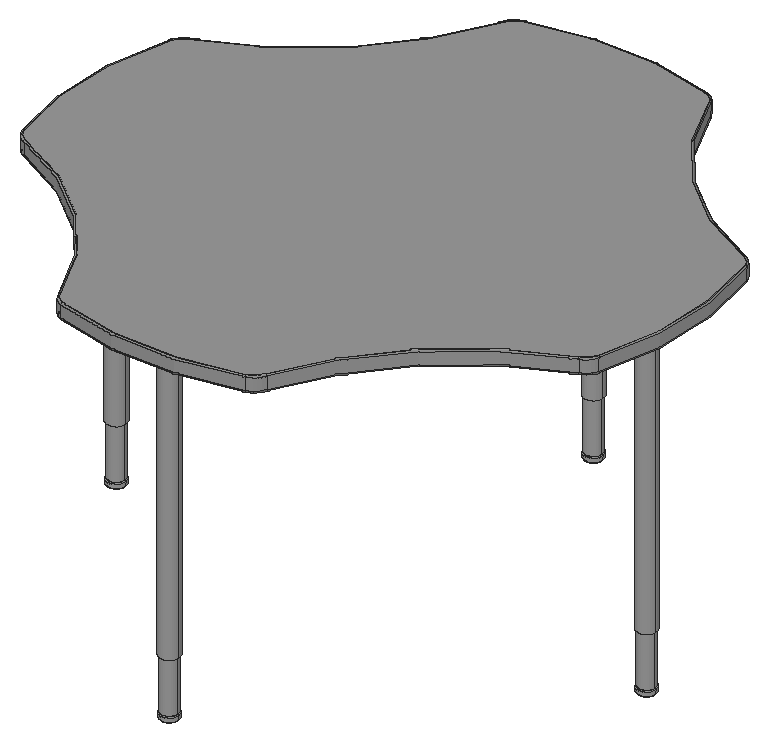
Revit family "Hierarchy Activity 48x48 Clover", category Generic Models, Revit 2018
Family settings
  Can host rebar = No
  Round Connector Dimension = Use Diameter
  Part Type = Normal
  Work Plane-Based = No
  Always vertical = Yes
  Cut with Voids When Loaded = No
  Shared = No
  Room Calculation Point = No
Parameters
  Table Height = 2' - 2 1/2"
  Surface = Hierarchy Activity 48C Surface
  Leg Finish = Shapes Leg Platinum
  Edgeband = Hierarchy Activity 48C Edgeband
  Caster/Glider = Shapes Leg - Glider : Shapes Leg - Glider
Reference planes (in)
  plane 1 "Center (Front/Back)": y = 0
  plane 2: z = 0
  plane 3 "Center (Left/Right)": x = 0
  plane 4: z = 26.5
Dimensions and locks (in)
  "Table Height": plane 4 to level
  aligned and locked: plane 2 to level
  aligned and locked: nested 1 to plane 4
Nested families (in)
  nested 1: "Activity 48x48 Clover Tabletop" at (0, 0, 2.575), type "Activity 48x48 Clover Tabletop"
  nested 2: "Shapes Leg - Glider" at (0, 21, 0), Leg Height <- "Table Height", Shapes Leg Finish <- "Leg Finish", type "Shapes Leg - Glider"
    with Shapes Leg Finish Shapes Leg Platinum, Leg Height 2' - 2 1/2"
  nested 3: "Shapes Leg - Glider" at (21, 0, 0), Leg Height <- "Table Height", Shapes Leg Finish <- "Leg Finish", type <- "Caster/Glider", type "Shapes Leg - Glider"
    with Shapes Leg Finish Shapes Leg Platinum, Leg Height 2' - 2 1/2"
  nested 4: "Shapes Leg - Glider" at (0, -21, 0), Leg Height <- "Table Height", Shapes Leg Finish <- "Leg Finish", type <- "Caster/Glider", type "Shapes Leg - Glider"
    with Shapes Leg Finish Shapes Leg Platinum, Leg Height 2' - 2 1/2"
  nested 5: "Shapes Leg - Glider" at (-21, 0, 0), Leg Height <- "Table Height", Shapes Leg Finish <- "Leg Finish", type "Shapes Leg - Glider"
    with Shapes Leg Finish Shapes Leg Platinum, Leg Height 2' - 2 1/2"
Definition of nested family "Activity 48x48 Clover Tabletop"
  Parameters (values of type "Activity 48x48 Clover Tabletop")
    Surface = none
    Edgeband = none
  Reference planes (in)
    plane 1 "Center (Front/Back)": y = 0
    plane 2: z = 0
    plane 3 "Center (Left/Right)": x = 0
  Forms (in)
    Extrusion 1, solid, material <- "Surface"
      sketch origin (0, 0, 0) x (1, 0, 0) y (0, 1, 0)
        loop
          arc (-7.0983, 22.82372) -> (-7.62556, 22.51321) -> (-7.96704, 22.00546) r 1.38189
          arc (-7.96704, 22.00546) -> (-13.40926, 13.64618) -> (-21.76854, 8.20396) r 24.1181
          arc (-21.76854, 8.20396) -> (-22.27629, 7.86247) -> (-22.58681, 7.33521) r 1.3819
          arc (-22.58681, 7.33521) -> (-23.71782, 0.07284) -> (-22.58681, -7.18953) r 23.88178
          arc (-22.58681, -7.18953) -> (-22.27629, -7.71679) -> (-21.76855, -8.05827) r 1.3819
          arc (-21.76855, -8.05827) -> (-13.40927, -13.50051) -> (-7.96704, -21.85978) r 24.11826
          arc (-7.96704, -21.85978) -> (-7.62555, -22.36753) -> (-7.0983, -22.67804) r 1.3819
          arc (-7.0983, -22.67804) -> (0.16407, -23.80906) -> (7.42645, -22.67804) r 23.88159
          arc (7.42645, -22.67804) -> (7.9537, -22.36752) -> (8.29519, -21.85978) r 1.3819
          arc (8.29519, -21.85978) -> (13.73742, -13.50051) -> (22.09669, -8.05827) r 24.1183
          arc (22.09669, -8.05827) -> (22.60444, -7.71679) -> (22.91495, -7.18953) r 1.38189
          arc (22.91495, -7.18953) -> (24.04596, 0.07284) -> (22.91495, 7.33521) r 23.88199
          arc (22.91495, 7.33521) -> (22.60444, 7.86247) -> (22.09669, 8.20396) r 1.38189
          arc (22.09669, 8.20396) -> (13.73742, 13.64619) -> (8.29519, 22.00546) r 24.11819
          arc (8.29519, 22.00546) -> (7.9537, 22.51321) -> (7.42645, 22.82372) r 1.38189
          arc (7.42645, 22.82372) -> (0.16407, 23.95473) -> (-7.0983, 22.82372) r 23.88186
      from 23.925 to 25.125
    Sweep 2, solid, material <- "Edgeband"
      path origin (0, 0, 0) x (1, 0, 0) y (0, 1, 0)
        loop
          arc (7.42645, 22.82372) -> (0.16407, 23.95473) -> (-7.0983, 22.82372) r 23.88186
          arc (-7.0983, 22.82372) -> (-7.62556, 22.51321) -> (-7.96704, 22.00546) r 1.38189
          arc (-7.96704, 22.00546) -> (-13.40926, 13.64618) -> (-21.76854, 8.20396) r 24.1181
          arc (-21.76854, 8.20396) -> (-22.27629, 7.86247) -> (-22.58681, 7.33521) r 1.3819
          arc (-22.58681, 7.33521) -> (-23.71782, 0.07284) -> (-22.58681, -7.18953) r 23.88178
          arc (-22.58681, -7.18953) -> (-22.27629, -7.71679) -> (-21.76855, -8.05827) r 1.3819
          arc (-21.76855, -8.05827) -> (-13.40927, -13.50051) -> (-7.96704, -21.85978) r 24.11826
          arc (-7.96704, -21.85978) -> (-7.62555, -22.36753) -> (-7.0983, -22.67804) r 1.3819
          arc (-7.0983, -22.67804) -> (0.16407, -23.80906) -> (7.42645, -22.67804) r 23.88159
          arc (7.42645, -22.67804) -> (7.9537, -22.36752) -> (8.29519, -21.85978) r 1.3819
          arc (8.29519, -21.85978) -> (13.73742, -13.50051) -> (22.09669, -8.05827) r 24.1183
          arc (22.09669, -8.05827) -> (22.60444, -7.71679) -> (22.91495, -7.18953) r 1.38189
          arc (22.91495, -7.18953) -> (24.04596, 0.07284) -> (22.91495, 7.33521) r 23.88199
          arc (22.91495, 7.33521) -> (22.60444, 7.86247) -> (22.09669, 8.20396) r 1.38189
          arc (22.09669, 8.20396) -> (13.73742, 13.64619) -> (8.29519, 22.00546) r 24.11819
          arc (8.29519, 22.00546) -> (7.9537, 22.51321) -> (7.42645, 22.82372) r 1.38189
      profile origin (0.16407, 23.95473, 0) x (0, -1, 0) y (0, 0, 1)
        loop
          line (0, 23.925) -> (0, 25.125)
          arc (0, 25.125) -> (-0.08352, 25.09041) -> (-0.11811, 25.00689) r 0.11811
          line (-0.11811, 25.00689) -> (-0.11811, 24.04311)
          arc (-0.11811, 24.04311) -> (-0.08352, 23.95959) -> (0, 23.925) r 0.11811
  Dimensions and locks (in)
    aligned and locked: plane 2 to level
Definition of nested family "Shapes Leg - Glider"
  Parameters (values of type "Shapes Leg - Glider")
    Shapes Leg Finish [instance] = none
    Leg Height [instance] = 2' - 4 1/2"
  Reference planes (in)
    plane 1 "Center (Front/Back)": y = 0
    plane 2: z = 0
    plane 3 "Center (Left/Right)": x = 0
  Forms (in)
    Extrusion 1, solid
      sketch origin (-0.01562, 0, 0) x (1, 0, 0) y (0, 1, 0)
        loop
          circle (0.01563, 0) r 0.64906
      from 0.50586 to 20.17439
  Dimensions and locks (in)
    "Leg Height": nested 2 to level
    aligned and locked: plane 2 to level
  Automatic sketch dimensions
    plane 1 "Center (Front/Back)" to Extrusion 1 sketch curve = 0' - 0"
    Extrusion 1 sketch curve to plane 3 "Center (Left/Right)" = 0' - 0"
    radius of Extrusion 1 sketch curve = 0' - 0.64906"
  Nested families (in)
    nested 1: "Glider" at (0, 0, 0), type "Glider"
    nested 2: "Shapes Upper Leg" at (0, 0, 0), Shapes Leg Finish <- "Shapes Leg Finish", type "Shapes Upper Leg"
      with Shapes Leg Finish none
  Definition of nested family "Glider"
    Reference planes (in)
      plane 1 "Center (Front/Back)": y = 0
      plane 2: z = 0
      plane 3 "Center (Left/Right)": x = 0
    Forms (in)
      Revolve 1, solid
        sketch origin (0, 0, 0) x (1, 0, 0) y (0, 0, 1)
          loop
            line (0.26614, 0.50586) -> (0, 0.50586) -> (0, 0.09994) -> (0.71656, 0.09994) -> (0.71656, 0.37634)
            arc (0.71656, 0.37634) -> (0.70181, 0.41548) -> (0.66511, 0.43552) r 0.06011
            arc (0.66511, 0.43552) -> (0.46609, 0.45951) -> (0.26614, 0.47365) r 4.06535
            line (0.26614, 0.47365) -> (0.26614, 0.50586)
          axis (0, 0.50586) -> (0, 0.09994)
        angle from 0 to 360
      Revolve 2, solid
        sketch origin (0, 0, 0) x (1, 0, 0) y (0, 0, 1)
          loop
            line (0.65534, 0.1212) -> (0, 0.1212) -> (0, 0) -> (0.57593, 0)
            arc (0.57593, 0) -> (0.63208, 0.02326) -> (0.65534, 0.07941) r 0.07941
            line (0.65534, 0.07941) -> (0.65534, 0.1212)
          axis (0, 0.1212) -> (0, 0)
        angle from 0 to 360
    Dimensions and locks (in)
      aligned and locked: plane 2 to level
  Definition of nested family "Shapes Upper Leg"
    Parameters (values of type "Shapes Upper Leg")
      Shapes Leg Finish [instance] = none
    Reference planes (in)
      plane 1 "Center (Front/Back)": y = 0
      plane 2: z = 0
      plane 3 "Center (Left/Right)": x = 0
    Forms (in)
      Extrusion 1, solid, material <- "Shapes Leg Finish"
        sketch origin (0, 0, 0) x (1, 0, 0) y (0, 1, 0)
          loop
            circle (0, 0) r 0.75
        from 6.5 to 28.5
    Dimensions and locks (in)
      aligned and locked: plane 2 to level
